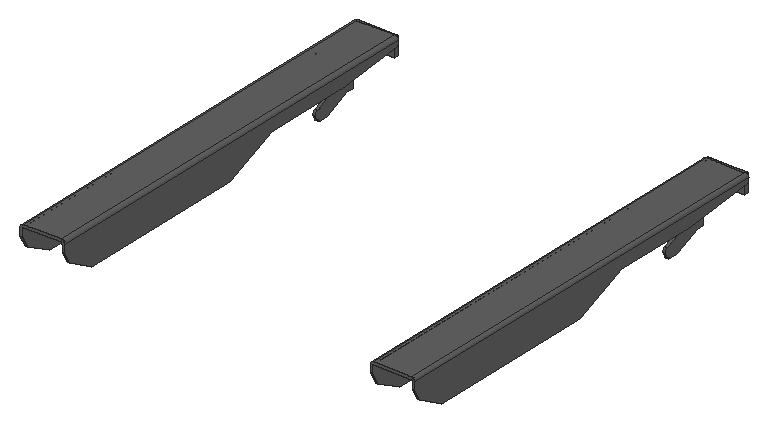
Revit family "Atdec-Bracket-TH-VWV-", category Generic Models, host Face, Revit 2016
Family settings
  Host = Face
  Part Type = Normal
  Can host rebar = No
  Round Connector Dimension = Use Diameter
  Cut with Voids When Loaded = No
  Shared = No
  Room Calculation Point = No
Parameters (values of type "TH-VWV")
  Weight, Single Unit = "3kg (6.6lb)"
  Weight, Master Carton = "12.5kg (27.5lb)"
  Warranty = "10 years"
  VESA mounting hole pattern,mm = "-"
  Universal Width (mm) = "Flexible"
  Universal Height (mm) = "From 100 to 400"
  URL = "www.atdec.com.au"
  UPC Code = "881493008335"
  Tilt Adjustment = "-"
  Single units per master pack = "4"
  Security feature = "Can be secured with padlock (not included)"
  Range of Motion = "Fixed Angle"
  Product Information Link = "https://www.atdec.com.au/th-vwv"
  Product Family = "Wall Mount Rail"  # constant formula
  Single Unit Dimensions = "544mm (19.3\") Lenght, 133mm (5.1\") Width, 61mm (2.8\") Height"
  Pan Adjustment = "-"
  Model = "TH-VWV"
  Minimum distance from wall (mm) = "44.5mm (1.75\")"
  Maximum distance from wall (mm) = "44.5mm (1.75\")"
  Material = "Steel"
  Master Carton Dimensions = "560mm (20.5\") Lenght, 294mm (10.6\") Width, 154mm (6.3\") Height"
  Manufacturer = "Atdec"  # constant formula
  Flat screen maximum supported weight = "165kg (363lb)"
  Email Address = "support@atdec.com"
  Description = "Video wall brackets (set of 2)"
  Default Elevation = 1219.2 mm
  Colour Options = "Black"
  Bracket Finish [instance] = ATD-Powdercoat Black
  Bracket Distance [instance] = 500 mm
  Assembly Code = "E1010800"
Reference planes
  plane 1 "Center (Front/Back)": y = 0
  plane 2: z = 0
  plane 3 "Center (Left/Right)": x = 0
  plane 4: x = -250
  plane 5: x = 250
Forms (mm)
  Extrusion 1, solid, material "ATD-Powdercoat Black" <- "Bracket Finish"
    sketch origin (0, 0, 0) x (1, 0, 0) y (0, 0, 1)
      loop
        line (-225.5, 1.87) -> (-222.5, 1.87) -> (-222.5, 40.87)
        arc (-222.5, 40.87) -> (-222.207, 41.577) -> (-221.5, 41.87) r 1
        line (-221.5, 41.87) -> (-178.5, 41.87)
        arc (-178.5, 41.87) -> (-177.793, 41.577) -> (-177.5, 40.87) r 1
        line (-177.5, 40.87) -> (-177.5, 1.87) -> (-174.5, 1.87) -> (-174.5, 40.87)
        arc (-174.5, 40.87) -> (-175.672, 43.698) -> (-178.5, 44.87) r 4
        line (-178.5, 44.87) -> (-221.5, 44.87)
        arc (-221.5, 44.87) -> (-224.328, 43.698) -> (-225.5, 40.87) r 4
        line (-225.5, 40.87) -> (-225.5, 1.87)
      loop
        line (225.5, 1.87) -> (225.5, 40.87)
        arc (225.5, 40.87) -> (224.328, 43.698) -> (221.5, 44.87) r 4
        line (221.5, 44.87) -> (178.5, 44.87)
        arc (178.5, 44.87) -> (175.672, 43.698) -> (174.5, 40.87) r 4
        line (174.5, 40.87) -> (174.5, 1.87) -> (177.5, 1.87) -> (177.5, 40.87)
        arc (177.5, 40.87) -> (177.793, 41.577) -> (178.5, 41.87) r 1
        line (178.5, 41.87) -> (221.5, 41.87)
        arc (221.5, 41.87) -> (222.207, 41.577) -> (222.5, 40.87) r 1
        line (222.5, 40.87) -> (222.5, 1.87) -> (225.5, 1.87)
    from -82.15 to 407.85
  Extrusion 2, void
    sketch origin (0, 0, 0) x (0, 1, 0) y (0, 0, 1)
      loop
        line (75.416, 44.87) -> (75.416, 38.555)
        arc (75.416, 38.555) -> (74.651, 36.554) -> (72.747, 35.573) r 3
        line (72.747, 35.573) -> (-5.027, 26.931)
        arc (-5.027, 26.931) -> (-5.579, 26.885) -> (-6.132, 26.87) r 10
        line (-6.132, 26.87) -> (-105.578, 26.87) -> (-165.578, 1.87) -> (-362.495, 1.87) -> (-393.084, 18.879) -> (-400.584, 31.87) -> (-400.584, 44.87) -> (-407.85, 44.87) -> (-407.85, 0) -> (82.15, 0) -> (82.15, 44.87) -> (75.416, 44.87)
    from 250 to -250
  Extrusion 3, solid, material "ATD-Powdercoat Black" <- "Bracket Finish"
    sketch origin (0, 0, 0) x (1, 0, 0) y (0, 0, 1)
      loop
        line (-218.999, 4.37) -> (-218.999, 37.37)
        arc (-218.999, 37.37) -> (-218.707, 38.077) -> (-217.999, 38.37) r 1
        line (-217.999, 38.37) -> (-181.999, 38.37)
        arc (-181.999, 38.37) -> (-181.292, 38.077) -> (-180.999, 37.37) r 1
        line (-180.999, 37.37) -> (-180.999, 4.37) -> (-177.999, 4.37) -> (-177.999, 37.37)
        arc (-177.999, 37.37) -> (-179.171, 40.198) -> (-181.999, 41.37) r 4
        line (-181.999, 41.37) -> (-217.999, 41.37)
        arc (-217.999, 41.37) -> (-220.828, 40.198) -> (-221.999, 37.37) r 4
        line (-221.999, 37.37) -> (-221.999, 4.37) -> (-218.999, 4.37)
      loop
        line (218.999, 4.37) -> (221.999, 4.37) -> (221.999, 37.37)
        arc (221.999, 37.37) -> (220.828, 40.198) -> (217.999, 41.37) r 4
        line (217.999, 41.37) -> (181.999, 41.37)
        arc (181.999, 41.37) -> (179.171, 40.198) -> (177.999, 37.37) r 4
        line (177.999, 37.37) -> (177.999, 4.37) -> (180.999, 4.37) -> (180.999, 37.37)
        arc (180.999, 37.37) -> (181.292, 38.077) -> (181.999, 38.37) r 1
        line (181.999, 38.37) -> (217.999, 38.37)
        arc (217.999, 38.37) -> (218.707, 38.077) -> (218.999, 37.37) r 1
        line (218.999, 37.37) -> (218.999, 4.37)
    from -14.412 to 75.588
  Extrusion 4, void
    sketch origin (0, 0, 0) x (0, 1, 0) y (0, 0, 1)
      loop
        line (14.412, 17.37) -> (7.039, 17.37) -> (-22.651, 4.767)
        arc (-22.651, 4.767) -> (-23.608, 4.47) -> (-24.605, 4.37) r 5
        line (-24.605, 4.37) -> (-31.399, 4.37)
        arc (-31.399, 4.37) -> (-34.306, 5.297) -> (-36.138, 7.738) r 5.018
        line (-36.138, 7.738) -> (-37.699, 11.416)
        arc (-37.699, 11.416) -> (-37.726, 14.477) -> (-35.58, 16.661) r 4
        line (-35.58, 16.661) -> (-20.173, 23.201)
        arc (-20.173, 23.201) -> (-19.201, 25.049) -> (-20.817, 26.37) r 1.65
        line (-20.817, 26.37) -> (-70.588, 26.37)
        arc (-70.588, 26.37) -> (-74.123, 27.834) -> (-75.588, 31.37) r 5
        line (-75.588, 31.37) -> (-75.588, 0) -> (14.412, 0) -> (14.412, 17.37)
    from -250 to 250
  Sweep 5, solid, material "ATD-Powdercoat Black" <- "Bracket Finish"
    path origin (0, 0, 0) x (0, 1, 0) y (0, 0, 1)
      loop
        line (79.416, 21.87) -> (79.416, 40.87)
        arc (79.416, 40.87) -> (78.244, 43.699) -> (75.415, 44.871) r 4.001
    profile origin (0, 79.416, 31.37) x (0, -1, 0) y (1, 0, 0)
      loop
        line (0, -221.5) -> (4, -221.5) -> (4, -178.5) -> (0, -178.5) -> (0, -221.5)
      loop
        line (0, 178.5) -> (4, 178.5) -> (4, 221.5) -> (0, 221.5) -> (0, 178.5)
Cuts and joins
  Extrusion 2 cuts Extrusion 1
  joined: Extrusion 1, Sweep 5
  Extrusion 4 cuts Extrusion 3
Dimensions and locks
  equal spacing: plane 4, plane 3 "Center (Left/Right)", plane 5
  "Bracket Distance": plane 4 to plane 5
  plane 4 to Extrusion 1 sketch curve to Extrusion 1 sketch curve to Extrusion 1 sketch curve to Extrusion 1 sketch curve = 24.5 mm locked, 3 mm locked, 45 mm locked, 3 mm locked
  Extrusion 1 sketch curve to Extrusion 1 sketch curve to Extrusion 1 sketch curve to Extrusion 1 sketch curve to plane 5 = 3 mm locked, 45 mm locked, 3 mm locked, 24.5 mm locked
  Extrusion 1 sketch curve to Extrusion 1 sketch curve to Extrusion 1 sketch curve to plane 2 = 3 mm locked, 40 mm locked, 1.87 mm locked  (x2)
  Extrusion 2 sketch curve to Extrusion 2 sketch curve to Extrusion 2 sketch curve to Extrusion 2 sketch curve to plane 2 = 6.315 mm locked, 11.685 mm locked, 25 mm locked, 1.87 mm locked
  plane 4 to Extrusion 3 sketch curve to Extrusion 3 sketch curve to Extrusion 3 sketch curve to Extrusion 3 sketch curve = 28.001 mm locked, 3 mm locked, 38 mm locked, 3 mm locked
  Extrusion 3 sketch curve to Extrusion 3 sketch curve to Extrusion 3 sketch curve to Extrusion 3 sketch curve to plane 5 = 3 mm locked, 38 mm locked, 3 mm locked, 28.001 mm locked
  Extrusion 3 sketch curve to Extrusion 3 sketch curve to Extrusion 3 sketch curve to plane 2 = 3 mm locked, 34 mm locked, 4.37 mm locked  (x2)
  Extrusion 3 to plane 1 "Center (Front/Back)" to Extrusion 3 = 14.412 mm locked, 75.588 mm locked
  Sweep 5 sketch curve to Sweep 5 sketch curve to plane 5 = 43 mm locked, 28.5 mm locked
  plane 4 to Sweep 5 sketch curve to Sweep 5 sketch curve = 28.5 mm locked, 43 mm locked
  plane 1 "Center (Front/Back)" to Sweep 5 sketch curve to Sweep 5 sketch curve = 75.416 mm locked, 4 mm locked  (x2)
  Sweep 5 sketch curve to Sweep 5 sketch curve to plane 1 "Center (Front/Back)" = 4.001 mm locked, 75.415 mm locked
  Sweep 5 sketch curve to Sweep 5 sketch curve to plane 2 = 19 mm locked, 21.87 mm locked
  aligned and locked: plane 2 to host face
  aligned and locked: level to host face
  aligned and locked: Extrusion 1 sketch curve to Extrusion 1 sketch curve  (x2)
  aligned and locked: plane 4 to Extrusion 2
  aligned and locked: Extrusion 2 to plane 5
  aligned and locked: Extrusion 2 to Extrusion 1
  aligned and locked: Extrusion 3 sketch curve to Extrusion 3 sketch curve  (x2)
  aligned and locked: plane 4 to Extrusion 4
  aligned and locked: Extrusion 4 to plane 5
Automatic sketch dimensions
  host sketch curve to host sketch curve = 694.039 mm
  host sketch curve to host sketch curve = 604.078 mm
  Extrusion 1 sketch curve to Extrusion 1 sketch curve = 0 mm  (x4)
  Extrusion 1 sketch curve to Extrusion 1 sketch curve = 1 mm  (x3)
  plane 5 to Extrusion 1 sketch curve = 28.5 mm
  Extrusion 2 sketch curve to level = 0 mm
  Extrusion 2 sketch curve to Extrusion 2 sketch curve = 7.266 mm
  level to Extrusion 2 sketch curve = 31.87 mm
  level to Extrusion 2 sketch curve = 18.879 mm
  plane 1 "Center (Front/Back)" to Extrusion 2 sketch curve = 6.132 mm
  Extrusion 2 sketch curve to Extrusion 2 sketch curve = 1.104 mm
  level to Extrusion 2 sketch curve = 35.573 mm
  Extrusion 2 sketch curve to Extrusion 2 sketch curve = 0.331 mm
  Extrusion 2 sketch curve to Extrusion 2 sketch curve = 6.734 mm
  Extrusion 2 sketch curve to Extrusion 2 sketch curve = 0.061 mm
  Extrusion 2 sketch curve to Extrusion 2 sketch curve = 159.446 mm
  Extrusion 2 sketch curve to Extrusion 2 sketch curve = 60 mm
  Extrusion 2 sketch curve to Extrusion 2 sketch curve = 30.589 mm
  Extrusion 2 sketch curve to Extrusion 2 sketch curve = 7.5 mm
  Extrusion 2 sketch curve to Extrusion 2 sketch curve = 13 mm
  Extrusion 2 sketch curve to Extrusion 2 sketch curve = 196.917 mm
  Extrusion 2 sketch curve to plane 1 "Center (Front/Back)" = 72.416 mm
  Extrusion 3 sketch curve to Extrusion 3 sketch curve = 0 mm  (x4)
  Extrusion 3 sketch curve to Extrusion 3 sketch curve = 1 mm  (x3)
  plane 5 to Extrusion 3 sketch curve = 32.001 mm
  Extrusion 4 sketch curve to level = 0 mm
  level to Extrusion 4 sketch curve = 31.37 mm
  plane 1 "Center (Front/Back)" to Extrusion 4 sketch curve = 75.588 mm
  Extrusion 4 sketch curve to Extrusion 4 sketch curve = 5 mm
  level to Extrusion 4 sketch curve = 11.416 mm
  Extrusion 4 sketch curve to Extrusion 4 sketch curve = 32.888 mm
  level to Extrusion 4 sketch curve = 7.738 mm
  Extrusion 4 sketch curve to Extrusion 4 sketch curve = 1.561 mm
  level to Extrusion 4 sketch curve = 16.661 mm
  Extrusion 4 sketch curve to Extrusion 4 sketch curve = 2.119 mm
  Extrusion 4 sketch curve to Extrusion 4 sketch curve = 1.563 mm
  level to Extrusion 4 sketch curve = 4.37 mm
  Extrusion 4 sketch curve to Extrusion 4 sketch curve = 4.739 mm
  Extrusion 4 sketch curve to Extrusion 4 sketch curve = 6.795 mm
  level to Extrusion 4 sketch curve = 4.767 mm
  Extrusion 4 sketch curve to Extrusion 4 sketch curve = 1.954 mm
  Extrusion 4 sketch curve to Extrusion 4 sketch curve = 3.787 mm
  Extrusion 4 sketch curve to plane 1 "Center (Front/Back)" = 7.039 mm
  Extrusion 4 sketch curve to plane 1 "Center (Front/Back)" = 14.412 mm
  level to Extrusion 4 sketch curve = 17.37 mm
  Extrusion 4 sketch curve to Extrusion 4 sketch curve = 0.645 mm
  Extrusion 4 sketch curve to Extrusion 4 sketch curve = 1.519 mm
